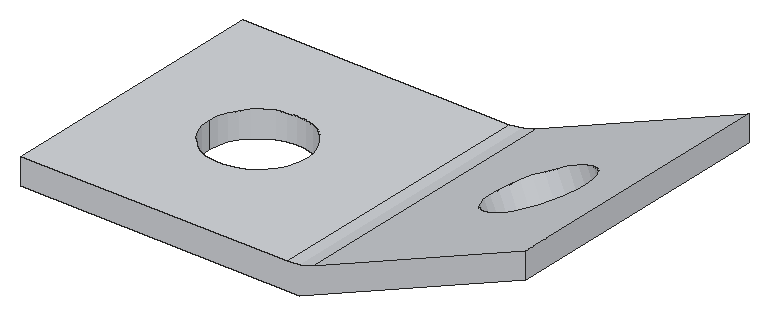
Revit family "MP21", category Generic Models, Revit 2017
Family settings
  Can host rebar = No
  Round Connector Dimension = Use Diameter
  Part Type = Normal
  Work Plane-Based = Yes
  Always vertical = No
  Cut with Voids When Loaded = No
  Shared = No
  Room Calculation Point = No
Parameters (values of type "NBS Standard Parameters")
  Weight = "0.15Kg"
  WarrantyStartDate [instance] = "1900-12-31T23:59:59"
  WarrantyGuarantorParts = "n/a"
  WarrantyGuarantorLabor = "n/a"
  WarrantyDurationUnit = "1 year"
  WarrantyDurationParts = "n/a"
  WarrantyDurationLabor = "n/a"
  WarrantyDescription = "n/a"
  Version = "1"
  Uniclass2 = "Pr_65_70_11_19"
  TagNumber [instance] = "n/a"
  SustainabilityPerformance = "n/a"
  Size = "22.5 Degree"
  Shape = "Angle"
  SerialNumber [instance] = "n/a"
  Revision = "n/a"
  ReplacementCost = "n/a"
  ProductInformation = "www.metpro.co.uk/pdf/mp21.pdf"
  NominalWidth = 40 mm
  NominalLength = 100 mm
  NominalHeight = 30 mm
  Name = ""
  NBSTypeID = ""
  NBSReference = "90-55-10/305"
  NBSOfficeMasterTag = ""
  NBSNote = ""
  NBSDescription = "Channel Cable Supports"
  NBSCertification = ""
  ModelReference = "MP21"
  ModelNumber = "n/a"
  Material = "Steel"
  ManufacturerURL = "www.metpro.co.uk"
  ManufacturerName = "Metpro Ltd"
  Keynote = "Compliant to LU standards 1-085"
  InstallationDate [instance] = "1900-12-31T23:59:59"
  IfcExportType = ""
  IfcExportAs = ""
  Grade = "n/a"
  Finish = "Hot Dipped Galvanised"
  Features = "n/a"
  ExpectedLife = "n/a"
  DurationUnit = "year"
  Description = "MP21 -22.5 Degree  Obtuse Angle Bracket"
  Default Elevation = 1219.2 mm
  Constituents = "n/a"
  Color = "n/a"
  CodePerformance = "n/a"
  Category = "n/a"
  BarCode [instance] = "n/a"
  BIMObjectName = "Metpro_metprolibrary_channelcablesupports_channelbracket"
  Author = "Metpro Ltd"
  AssetType = ""
  AssetIdentifier [instance] = "n/a"
  AccessibilityPerformance = "n/a"
Reference planes
  plane 1 "Center (Front/Back)": y = 0
  plane 2: z = 0
  plane 3 "Center (Left/Right)": x = 0
Forms (mm)
  Extrusion 1, solid
    sketch origin (0, 56.879, 11.416) x (1, 0, 0) y (0, 0, 1)
      loop
        line (0, 0) -> (40.2, 0) -> (72.536, 13.394) -> (72.536, 17.168) -> (42.038, 4.536)
        arc (42.038, 4.536) -> (40.162, 3.967) -> (38.211, 3.774) r 10
        line (38.211, 3.774) -> (0, 3.774) -> (0, 0)
    from 0 to 40
  Extrusion 2, void
    sketch origin (7.238, 56.879, 11.416) x (-1, 0, 0) y (0, -1, 0)
      loop
        circle (-11.138, 20.315) r 7
    from 0 to 3.774
  Extrusion 3, void
    sketch origin (40.2, 56.879, 15.19) x (-0.92388, 0, -0.382683) y (0, 1, 0)
      loop
        circle (-19.753, -20) r 7
    from 0 to 3.487
Cuts and joins
  Extrusion 2, Extrusion 3 cuts Extrusion 1
Dimensions and locks
  aligned and locked: level to plane 2
  aligned and locked: Extrusion 2 to Extrusion 1
  aligned and locked: Extrusion 1 to Extrusion 3
